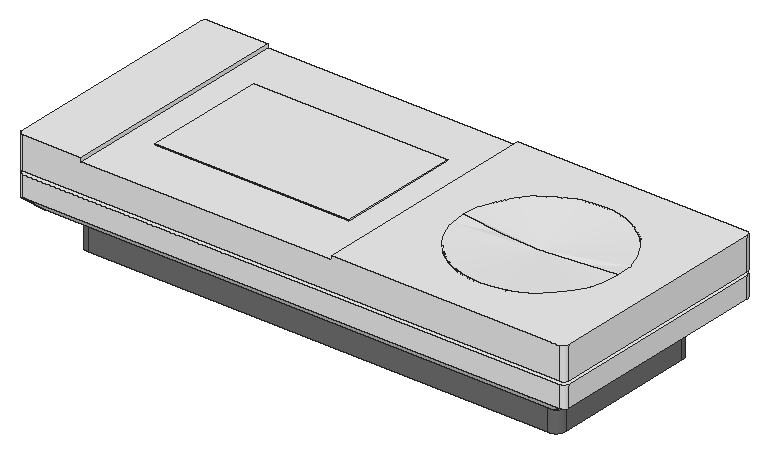
Revit family "TPOne_V2_RFA", category Data Devices, host Face, Revit 2019
Family settings
  Host = Face
  Maintain Annotation Orientation = Yes
  Round Connector Dimension = Use Diameter
  Part Type = Normal
  Cut with Voids When Loaded = No
  Shared = No
  Room Calculation Point = No
Parameters (values of type "TPOne-B_087N7851")
  Weight = 0.27 kg
  W_2 = 77.5 mm
  W2_2 = 68 mm
  W1_2 = 73.5 mm
  W [instance] = 30 mm
  Voltage = 3 V
  URL = "https://store.danfoss.com/en/Climate-Solutions-for-heating/Electronic-Room-Thermostats/Programmable-Thermostats/c/4139?q=%3Arelevance%3Adanfoss_producttypehierarchydesc%3ATPOne&text="
  Type Comments = ""
  Transmission Frequency = "-"
  Switch Rating Channel 1 = "3 A (1 A) at 230 VAC"
  Rated Impulse Voltage = "-"
  RX1-S = if(A = 1 mm, 1 = 1, 1 = 0)  # no
  Power Supply RT = "2.5 - 3 VDC (2x AA Alkaline Batteries)"
  Output Channel 2 = "-"
  Output Channel 1 = "Volt free, SPDT type 1B"
  Operating Temperature Range = "0-45 °C"
  Operating Frequency = "-"
  Model Type = "TPOne-B"
  Model = "087N7851"
  Min Temperature Setting = "5 °C"  # constant formula
  Maximum Range = "-"
  Max Temperature Setting = "35 °C"  # constant formula
  Max Ambient Temperature = "45 °C"  # constant formula
  Manufacturer = "Danfoss"  # constant formula
  LOD 350 = not(LOD 200)  # yes
  LOD 200 = no
  L [instance] = 155 mm
  IfcExportType = "TPOne"  # constant formula
  IfcExportAs = "IfcElectricApplianceType"  # constant formula
  IP Rating = "IP20"
  H_2 = 33 mm
  H2_2 = 23.5 mm
  H1_2 = 30 mm
  H [instance] = 66 mm
  Description = "Room Thermostat"  # constant formula
  Default Elevation = 1219.2 mm
  Da = 1 mm
  DBR = if(A > 1 mm, 1 = 1, 1 = 0)  # no
  D2 = 11 mm
  D1b = 3 mm
  D1a = 6 mm
  D-All = D - Da - D1a - D1b - D2  # 9 mm
  D = 30 mm
  Control Polution Situation = "Degree 2"  # constant formula
  Body Material = Danfoss Plastic White
  Ball Pressure Test = "75 °C"  # constant formula
  A = 0 mm
Types (7, lengths in mm): name | Weight | Voltage | Transmission Frequency | Switch Rating Channel 1 | Rated Impulse Voltage | RX1-S | Power Supply RT | Output Channel 2 | Output Channel 1 | Operating Temperature Range | Operating Frequency | Model Type | Model | Maximum Range | IP Rating | DBR | A
  (no name) | 0.27 kg | 3 V | "-" | "3 A (1 A) at 230 VAC" | "-" | no | "2.5 - 3 VDC (2x AA Alkaline Batteries)" | "-" | "Volt free, SPDT type 1B" | "0-45 °C" | "-" | "TPOne-B" | "087N7851" | "-" | "IP20" | no | 0
  TPOne-B_087N7851 | 0.27 kg | 3 V | "-" | "3 A (1 A) at 230 VAC" | "-" | no | "2.5 - 3 VDC (2x AA Alkaline Batteries)" | "-" | "Volt free, SPDT type 1B" | "0-45 °C" | "-" | "TPOne-B" | "087N7851" | "-" | "IP20" | no | 0
  TPOne-M_087N7852 | 0.22 kg | 230 V | "-" | "3 A (1 A) at 230 VAC" | "4 kV" | no | "230 VAC" | "3 A at 230 VAC" | "Volt free, SPDT type 1B" | "0-45 °C" | "50/60Hz" | "TPOne-M" | "087N7852" | "-" | "IP20" | no | 0
  TPOne-RF + RX1-S_V2_087N7858 | 0.48 kg | 230 V | "433.92 Mhz" | "3 A (1 A) at 230 VAC (RX1-S V2)" | "-" | yes | "2.5 - 3 VDC (2x AA Alkaline Batteries)" | "-" | "Volt free, SPDT type 1B (RX1-S V2)" | "0-45 °C" | "-" | "TPOne-RF + RX1-S_V2" | "087N7858" | "30 m" | "IP20" | no | 1
  TPOne-S+ DBR_087N7856 | 0.10 kg | 230 V | "868.42 MHz" | "3 A (1 A) at 230 VAC (DBR)" | "2.5 kV" | no | "230 VAC" | "-" | "Volt free, SPST type 1A (DBR)" | "0-45 °C" | "50/60Hz" | "TPOne-S+ DBR" | "087N7856" | "30 m" | "IP20" | yes | 2
  TPOne-RF_087N7853 | 0.27 kg | 3 V | "433.92 Mhz" | "-" | "-" | no | "2.5 -3 VDC (2x AA Alkaline Batteries)" | "-" | "-" | "0-45 °C" | "-" | "TPOne-RF" | "087N7853" | "30 m" | "IP20" | no | 0
  TPOne-OT_087N7859 | 0.22 kg | 24 V | "-" | "-" | "4 kV" | no | "24 VDC power line from boiler & 3 VDC (2x AA Alkaline Batteries)" | "-" | "Data 24 V DC BUS" | "0-40 °C" | "50/60Hz" | "TPOne-OT" | "087N7859" | "-" | "IP30" | no | 0
Reference planes
  plane 1 "Center (Front/Back)": y = 0
  plane 2: z = 0
  plane 3 "Center (Left/Right)": x = 0
  plane 4: y = 23.5
  plane 5: y = -23.5
  plane 6: x = -73.5
  plane 7: x = 73.5
  plane 8 "1": z = 11
  plane 9 "2": z = 14
  plane 10 "3": z = 20
  plane 11 "4": z = 21
  plane 12 "5": z = 30
  plane 13: y = 30
  plane 14: y = -30
  plane 15: y = 33
  plane 16: y = -33
  plane 17: x = -68
  plane 18: x = 68
  plane 19: x = 77.5
  plane 20: x = -77.5
  plane 21: x = 11.5
  plane 22: x = -59.5
  plane 23: x = 44.5
Forms (mm)
  Extrusion 1, solid, material "Danfoss Plastic Dark Gray", visible <- "LOD 350", detail levels fine
    sketch origin (0, 0, 0) x (1, 0, 0) y (0, 1, 0)
      loop
        arc (-65, 23.5) -> (-67.121, 22.621) -> (-68, 20.5) r 3
        line (-68, 20.5) -> (-68, -20.5)
        arc (-68, -20.5) -> (-67.121, -22.621) -> (-65, -23.5) r 3
        line (-65, -23.5) -> (65, -23.5)
        arc (65, -23.5) -> (67.121, -22.621) -> (68, -20.5) r 3
        line (68, -20.5) -> (68, 20.5)
        arc (68, 20.5) -> (67.121, 22.621) -> (65, 23.5) r 3
        line (65, 23.5) -> (-65, 23.5)
    from 0 to 11 <- "D2"
  Blend 2, solid, material "Danfoss Plastic White" <- "Body Material", visible <- "LOD 350", detail levels fine
    base sketch origin (0, 0, 11) x (-1, 0, 0) y (0, -1, 0)
      loop
        arc (72, -30) -> (73.061, -29.561) -> (73.5, -28.5) r 1.5
        line (73.5, -28.5) -> (73.5, 28.5)
        arc (73.5, 28.5) -> (73.061, 29.561) -> (72, 30) r 1.5
        line (72, 30) -> (-72, 30)
        arc (-72, 30) -> (-73.061, 29.561) -> (-73.5, 28.5) r 1.5
        line (-73.5, 28.5) -> (-73.5, -28.5)
        arc (-73.5, -28.5) -> (-73.061, -29.561) -> (-72, -30) r 1.5
        line (-72, -30) -> (72, -30)
    top sketch origin (0, 0, 11) x (-1, 0, 0) y (0, -1, 0)
      loop
        arc (76, -33) -> (77.061, -32.561) -> (77.5, -31.5) r 1.5
        line (77.5, -31.5) -> (77.5, 31.5)
        arc (77.5, 31.5) -> (77.061, 32.561) -> (76, 33) r 1.5
        line (76, 33) -> (-76, 33)
        arc (-76, 33) -> (-77.061, 32.561) -> (-77.5, 31.5) r 1.5
        line (-77.5, 31.5) -> (-77.5, -31.5)
        arc (-77.5, -31.5) -> (-77.061, -32.561) -> (-76, -33) r 1.5
        line (-76, -33) -> (76, -33)
    from 0 to 3 <- "D1b"
  Extrusion 3, solid, material "Danfoss Plastic White" <- "Body Material", visible <- "LOD 350", detail levels fine
    sketch origin (0, 0, 14) x (-1, 0, 0) y (0, -1, 0)
      loop
        line (77.5, -31.5) -> (77.5, 31.5)
        arc (77.5, 31.5) -> (77.061, 32.561) -> (76, 33) r 1.5
        line (76, 33) -> (-76, 33)
        arc (-76, 33) -> (-77.061, 32.561) -> (-77.5, 31.5) r 1.5
        line (-77.5, 31.5) -> (-77.5, -31.5)
        arc (-77.5, -31.5) -> (-77.061, -32.561) -> (-76, -33) r 1.5
        line (-76, -33) -> (76, -33)
        arc (76, -33) -> (77.061, -32.561) -> (77.5, -31.5) r 1.5
    from 0 to 6 <- "D1a"
  Extrusion 4, solid, material "Danfoss Plastic White" <- "Body Material", visible <- "LOD 350", detail levels fine
    sketch origin (0, 0, 20) x (-1, 0, 0) y (0, -1, 0)
      loop
        line (73.5, -30) -> (73.5, 30) -> (-73.5, 30) -> (-73.5, -30) -> (73.5, -30)
    from 0 to 1 <- "Da"
  Extrusion 5, solid, material "Danfoss Plastic White" <- "Body Material", visible <- "LOD 350", detail levels fine
    sketch origin (0, 0, 21) x (-1, 0, 0) y (0, -1, 0)
      loop
        arc (76, -33) -> (77.061, -32.561) -> (77.5, -31.5) r 1.5
        line (77.5, -31.5) -> (77.5, 31.5)
        arc (77.5, 31.5) -> (77.061, 32.561) -> (76, 33) r 1.5
        line (76, 33) -> (-76, 33)
        arc (-76, 33) -> (-77.061, 32.561) -> (-77.5, 31.5) r 1.5
        line (-77.5, 31.5) -> (-77.5, -31.5)
        arc (-77.5, -31.5) -> (-77.061, -32.561) -> (-76, -33) r 1.5
        line (-76, -33) -> (76, -33)
    from 0 to 9 <- "D-All"
  Extrusion 6, void
    sketch origin (0, 0, 30) x (-1, 0, 0) y (0, -1, 0)
      loop
        line (59.5, -33) -> (59.5, 33) -> (-11.5, 33) -> (-11.5, -33) -> (59.5, -33)
    from -1 to 0
  Revolve 7, void
    sketch origin (0, 0, 0) x (1, 0, 0) y (0, 0, 1)
      loop
        line (44.5, 30) -> (22.477, 30)
        arc (22.477, 30) -> (33.46, 28.832) -> (44.5, 28.5) r 145.544
        line (44.5, 28.5) -> (44.5, 30)
      axis (44.5, 30) -> (44.5, 28.5)
    angle from 0 to 360
  Extrusion 8, solid, material "Danfoss Plastic White" <- "Body Material", visible <- "LOD 350", detail levels fine
    sketch origin (0, 0, 30) x (-1, 0, 0) y (0, -1, 0)
      loop
        line (51.715, -18.341) -> (51.715, 16.659) -> (-3.285, 16.659) -> (-3.285, -18.341) -> (51.715, -18.341)
    from -3 to -0.9
  Extrusion 9, solid, material "Danfoss Plastic White" <- "Body Material", visible <- "LOD 200", detail levels fine
    sketch origin (0, 0, 21) x (-1, 0, 0) y (0, -1, 0)
      loop
        line (77.5, -33) -> (77.5, 33) -> (-77.5, 33) -> (-77.5, -33) -> (77.5, -33)
    from -10 to 9
  Extrusion 10, solid, material "Danfoss Plastic Dark Gray", visible <- "LOD 200", detail levels fine
    sketch origin (0, 0, 21) x (-1, 0, 0) y (0, -1, 0)
      loop
        line (68, -23.5) -> (68, 23.5) -> (-68, 23.5) -> (-68, -23.5) -> (68, -23.5)
    from -21 to -10
  Extrusion 11, solid, material "Danfoss Plastic White" <- "Body Material", detail levels coarse+medium
    sketch origin (0, 0, 21) x (-1, 0, 0) y (0, -1, 0)
      loop
        line (77.5, -33) -> (77.5, 33) -> (-77.5, 33) -> (-77.5, -33) -> (77.5, -33)
    from -21 to 9
Cuts and joins
  Extrusion 6 cuts Extrusion 4
  Extrusion 6, Revolve 7 cuts Extrusion 5
Dimensions and locks
  "W1_2": plane 6 to plane 3 "Center (Left/Right)" to plane 7
  "H2_2": plane 5 to plane 1 "Center (Front/Back)" to plane 4
  "D2": host face to plane 8 "1"
  "W_2": plane 20 to plane 3 "Center (Left/Right)" to plane 19
  "W2_2": plane 17 to plane 3 "Center (Left/Right)" to plane 18
  "H1_2": plane 14 to plane 1 "Center (Front/Back)" to plane 13
  "H_2": plane 16 to plane 1 "Center (Front/Back)" to plane 15
  "D1b": plane 8 "1" to plane 9 "2"
  "D1a": plane 9 "2" to plane 10 "3"
  "D": host face to plane 12 "5"
  "Da": plane 10 "3" to plane 11 "4"
  "L": cut or joined group of Extrusion 5, Extrusion 6, Revolve 7 to cut or joined group of Extrusion 5, Extrusion 6, Revolve 7
  "H": cut or joined group of Extrusion 5, Extrusion 6, Revolve 7 to cut or joined group of Extrusion 5, Extrusion 6, Revolve 7
  "W": plane 12 "5" to level
  aligned and locked: plane 2 to host face
  aligned and locked: level to host face
  aligned and locked: Extrusion 9 sketch curve to plane 15
  aligned and locked: Extrusion 9 sketch curve to plane 20
  aligned and locked: plane 16 to Extrusion 9 sketch curve
  aligned and locked: plane 19 to Extrusion 9 sketch curve
  aligned and locked: Extrusion 9 to Extrusion 1
  aligned and locked: Extrusion 9 to plane 12 "5"
  aligned and locked: Extrusion 10 sketch curve to plane 4
  aligned and locked: Extrusion 10 sketch curve to plane 17
  aligned and locked: plane 5 to Extrusion 10 sketch curve
  aligned and locked: plane 18 to Extrusion 10 sketch curve
  aligned and locked: Extrusion 10 to level
  aligned and locked: Extrusion 10 to Extrusion 1
  aligned and locked: Extrusion 11 sketch curve to Extrusion 9  (x4)
  aligned and locked: Extrusion 11 to level
  aligned and locked: Extrusion 11 to plane 12 "5"
Automatic sketch dimensions
  host sketch curve to host sketch curve = 1600 mm  (x2)
  Extrusion 1 sketch curve to plane 17 = 0 mm
  plane 5 to Extrusion 1 sketch curve = 0 mm
  plane 4 to Extrusion 1 sketch curve = 0 mm
  Extrusion 1 sketch curve to plane 18 = 0 mm
  plane 17 to Extrusion 1 sketch curve = 3 mm  (x2)
  Extrusion 1 sketch curve to Extrusion 1 sketch curve = 3 mm
  Extrusion 1 sketch curve to plane 18 = 3 mm
  Blend 2 sketch curve to plane 19 = 0 mm
  plane 16 to Blend 2 sketch curve = 0 mm
  plane 15 to Blend 2 sketch curve = 0 mm
  Blend 2 sketch curve to plane 20 = 0 mm
  Blend 2 sketch curve to plane 19 = 1.5 mm
  Blend 2 sketch curve to Blend 2 sketch curve = 1.5 mm  (x2)
  Blend 2 sketch curve to plane 13 = 1.5 mm
  Blend 2 sketch curve to plane 7 = 0 mm
  plane 14 to Blend 2 sketch curve = 0 mm
  plane 13 to Blend 2 sketch curve = 0 mm
  Blend 2 sketch curve to plane 6 = 0 mm
  Blend 2 sketch curve to plane 7 = 1.5 mm  (x2)
  plane 6 to Blend 2 sketch curve = 1.5 mm  (x2)
  plane 16 to Extrusion 3 sketch curve = 0 mm
  Extrusion 3 sketch curve to plane 20 = 0 mm
  plane 14 to Extrusion 3 sketch curve = 1.5 mm
  Extrusion 3 sketch curve to plane 13 = 1.5 mm  (x2)
  Extrusion 3 sketch curve to plane 19 = 1.5 mm
  Extrusion 3 sketch curve to plane 19 = 0 mm
  plane 15 to Extrusion 3 sketch curve = 0 mm
  Extrusion 4 sketch curve to plane 7 = 0 mm
  Extrusion 4 sketch curve to plane 6 = 0 mm
  plane 13 to Extrusion 4 sketch curve = 0 mm
  plane 14 to Extrusion 4 sketch curve = 0 mm
  plane 15 to Extrusion 5 sketch curve = 0 mm
  Extrusion 5 sketch curve to plane 20 = 0 mm
  plane 20 to Extrusion 5 sketch curve = 1.5 mm
  plane 14 to Extrusion 5 sketch curve = 1.5 mm
  plane 16 to Extrusion 5 sketch curve = 0 mm
  Extrusion 5 sketch curve to plane 19 = 1.5 mm
  Extrusion 5 sketch curve to plane 19 = 0 mm
  Extrusion 5 sketch curve to plane 13 = 1.5 mm
  plane 15 to Extrusion 6 sketch curve = 0 mm
  Extrusion 6 sketch curve to plane 21 = 0 mm
  plane 16 to Extrusion 6 sketch curve = 0 mm
  Extrusion 6 sketch curve to plane 22 = 0 mm
  Revolve 7 sketch curve to plane 12 "5" = 0 mm
  Revolve 7 sketch curve to plane 23 = 0 mm  (x2)
  Revolve 7 sketch curve to plane 23 = 1.15 mm
  plane 21 to Revolve 7 sketch curve = 10.977 mm
  Revolve 7 sketch curve to Revolve 7 sketch curve = 1.5 mm
  Revolve 7 sketch curve to Revolve 7 sketch curve = 3.012 mm
  Revolve 7 sketch curve to Revolve 7 sketch curve = 2.054 mm
  plane 3 "Center (Left/Right)" to Extrusion 8 sketch curve = 3.285 mm
  plane 22 to Extrusion 8 sketch curve = 7.785 mm
  plane 4 to Extrusion 8 sketch curve = 5.159 mm
  Extrusion 8 sketch curve to plane 5 = 6.841 mm
Nested families
  nested 1: "RX1-S_V2_RFA" at (145, 0, 0), visible <- "RX1-S", LOD 200 <- "LOD 200", type "RX1-S_V2_087N7775", detail levels fine
    with LOD 350 yes, LOD 200 no
  nested 2: "DBR_RFA" at (145, 0, 0), visible <- "DBR", LOD 200 <- "LOD 200", type "DBR_087N7857"
    with LOD 350 yes, LOD 200 no
Definition of nested family "RX1-S_V2_RFA"
  Parameters (values of type "RX1-S_V2_087N7775")
    Weight = 0.18 kg  # constant formula
    W6 = Width - W2 - W3 - W4 - W5  # 1 mm
    W5 = 15.5 mm
    W4 = 1.5 mm
    W3 = 1 mm
    W2 = 10 mm
    W1 = 1 mm
    Width = 29 mm
    W [instance] = 30 mm
    Voltage = 230 V  # constant formula
    URL = "https://store.danfoss.com/en/RX-Receiver%2C-RX1-S%2C-single-channel-receiver-with-industry-standard-backplate%2C-Supply-voltage-%5BV%5D-AC%3A-230%2C-SPDT/p/087N7775"
    Type Comments = ""
    Switch Type = "1 x SPDT Type 1B"  # constant formula
    Switch Rating = "3 A (1 A) at 230 VAC"  # constant formula
    Rated Impulse Voltage = "4 kV"  # constant formula
    R1 = 6 mm
    Power Supply RT = "230 VAC"  # constant formula
    Output = "Volt Free"  # constant formula
    Operating Temperature Range = "0-40 °C"  # constant formula
    Operating Frequency = "50/60 Hz"  # constant formula
    Model Type = "RX1-S_V2"  # constant formula
    Model = "087N7775"
    Maximum Range = "30 m"  # constant formula
    Manufacturer = "Danfoss"  # constant formula
    L_2 = 42 mm
    LOD 350 [instance] = not(LOD 200)  # yes
    LOD 200 [instance] = no
    L1_2 = 40.5 mm
    L [instance] = 84 mm
    IfcExportType = "RX1-S_V2"  # constant formula
    IfcExportAs = "IfcElectricApplianceType"  # constant formula
    IP Rating = "IP30"  # constant formula
    H_2 = 42 mm
    H1_2 = 40.5 mm
    H [instance] = 84 mm
    Description = "Channel Receiver"  # constant formula
    Default Elevation = 1500 mm
    R2 = 180 mm
    Control Polution Situation = "Degree 2"  # constant formula
    Button_L2 = 21 mm
    Button_L1 = 17 mm
    Button_H = 20 mm
    Body Material = none
  Reference planes
    plane 1 "Center (Front/Back)": y = 0
    plane 2: z = 0
    plane 3 "Center (Left/Right)": x = 0
    plane 4: y = 42
    plane 5: y = -42
    plane 6: x = -42
    plane 7: x = 42
    plane 8 "W1": z = 29
    plane 9: through (-201.483, -201.999, 1219.2) normal (0.7071, -0.7071, 0)
    plane 10: through (-501.483, 500.967, 1219.2) normal (0.7071, 0.7071, 0)
    plane 11 "W5": z = 1
    plane 12 "W4": z = 16.5
    plane 13 "W3": z = 18
    plane 14 "W2": z = 19
    plane 15: x = -40.5
    plane 16: x = 40.5
    plane 17: y = 40.5
    plane 18: y = -40.5
    plane 19: z = 25.8
    plane 20: x = -4
    plane 21: y = -22
    plane 22: x = -25
  Forms (mm)
    Extrusion 1, solid, detail levels fine
      sketch origin (819.2, -779.2, 0) x (1, 0, 0) y (0, 1, 0)
        loop
          line (-1320.683, 1280.167) -> (-1320.683, 280.167) -> (-320.683, 280.167) -> (-320.683, 1280.167) -> (-1320.683, 1280.167)
      from 0 to -300
    Extrusion 2, solid, material <- "Body Material", visible <- "LOD 350", detail levels fine
      sketch origin (0, 0, 0) x (1, 0, 0) y (0, 1, 0)
        loop
          line (-40.5, 40.5) -> (-40.5, -40.5) -> (40.5, -40.5) -> (40.5, 40.5) -> (-40.5, 40.5)
      from 0 to 1 <- "W6"
    Blend 3, solid, material <- "Body Material", visible <- "LOD 350", detail levels fine
      base sketch origin (0, 0, 1) x (-1, 0, 0) y (0, -1, 0)
        loop
          line (40.5, -40.5) -> (40.5, 40.5) -> (-40.5, 40.5) -> (-40.5, -40.5) -> (40.5, -40.5)
      top sketch origin (0, 0, 1) x (-1, 0, 0) y (0, -1, 0)
        loop
          line (42, -42) -> (42, 42) -> (-42, 42) -> (-42, -42) -> (42, -42)
      from 0 to 15.5 <- "W5"
    Extrusion 4, solid, material <- "Body Material", visible <- "LOD 350", detail levels fine
      sketch origin (0, 0, 16.5) x (-1, 0, 0) y (0, -1, 0)
        loop
          line (42, -42) -> (42, 42) -> (-42, 42) -> (-42, -42) -> (42, -42)
      from 0 to 1.5 <- "W4"
    Extrusion 5, solid, material <- "Body Material", visible <- "LOD 350", detail levels fine
      sketch origin (0, 0, 18) x (-1, 0, 0) y (0, -1, 0)
        loop
          line (41, -41) -> (41, 41) -> (-41, 41) -> (-41, -41) -> (41, -41)
      from 0 to 1 <- "W3"
    Extrusion 6, solid, material <- "Body Material", visible <- "LOD 350", detail levels fine
      sketch origin (0, 0, 19) x (-1, 0, 0) y (0, -1, 0)
        loop
          line (42, -42) -> (42, 42) -> (-42, 42) -> (-42, -42) -> (42, -42)
      from 0 to 10 <- "W2"
    Extrusion 7, void
      sketch origin (0, 0, 29) x (0, -1, 0) y (-1, 0, 0)
        loop
          arc (-42, -32.848) -> (0.021, -37.562) -> (42, -32.484) r 182.594
          line (42, -32.484) -> (42, -31.453)
          arc (42, -31.453) -> (0.021, -36.56) -> (-42, -31.819) r 181.592
          line (-42, -31.819) -> (-42, -32.848)
      from 0 to 1 <- "W3"
    Extrusion 8, solid, material <- "Body Material", visible <- "LOD 350", detail levels fine
      sketch origin (0, 0, 29) x (-1, 0, 0) y (0, -1, 0)
        loop
          circle (25, 22) r 6
        loop
          circle (25, 22) r 4
        loop
          circle (4, 22) r 6
        loop
          circle (4, 22) r 4
      from 0 to 1 <- "W1"
    Extrusion 9, solid, material <- "Body Material", visible <- "LOD 200", detail levels fine
      sketch origin (0, 0, 19) x (-1, 0, 0) y (0, -1, 0)
        loop
          line (42, -42) -> (42, 42) -> (-42, 42) -> (-42, -42) -> (42, -42)
      from -19 to 0
    Extrusion 10, solid, material <- "Body Material", detail levels coarse+medium
      sketch origin (0, 0, 19) x (-1, 0, 0) y (0, -1, 0)
        loop
          line (42, -42) -> (42, 42) -> (-42, 42) -> (-42, -42) -> (42, -42)
      from -19 to 10
    Extrusion 11, solid, material <- "Body Material", visible <- "LOD 200", detail levels fine
      sketch origin (0, 0, 19) x (-1, 0, 0) y (0, -1, 0)
        loop
          line (42, -42) -> (42, 42) -> (-42, 42) -> (-42, -42) -> (42, -42)
      from 0 to 10
  Cuts and joins
    Extrusion 7 cuts Extrusion 5
    Extrusion 7 cuts Extrusion 6
  Dimensions and locks
    "H_2": plane 5 to plane 1 "Center (Front/Back)" to plane 4
    "L_2": plane 6 to plane 3 "Center (Left/Right)" to plane 7
    "Width": plane 8 "W1" to level
    "W5": plane 12 "W4" to plane 11 "W5"
    "W4": plane 13 "W3" to plane 12 "W4"
    "W3": plane 14 "W2" to plane 13 "W3"
    "W6": plane 11 "W5" to level
    "L1_2": plane 15 to plane 3 "Center (Left/Right)" to plane 16
    "H1_2": plane 18 to plane 1 "Center (Front/Back)" to plane 17
    Extrusion 4 to Extrusion 5 sketch curve = 1 mm  (x3)
    Extrusion 5 sketch curve to Extrusion 4 = 1 mm
    plane 19 to plane 8 "W1" = 3.2 mm
    "Button_H": plane 5 to plane 21
    "Button_L1": plane 6 to plane 22
    "Button_L2": plane 22 to plane 20
    "L": plane 6 to plane 7
    "H": plane 5 to plane 4
    "W": Extrusion 8 to level
    "R1": radius of Extrusion 8 sketch curve  (x2)
    radius of Extrusion 8 sketch curve = 4 mm  (x2)
    aligned and locked: plane 2 to Extrusion 1
    aligned and locked: level to Extrusion 1
    aligned and locked: Extrusion 2 sketch curve to plane 17
    aligned and locked: Extrusion 2 sketch curve to plane 15
    aligned and locked: plane 18 to Extrusion 2 sketch curve
    aligned and locked: plane 16 to Extrusion 2 sketch curve
    aligned and locked: Blend 3 sketch curve to Extrusion 2  (x4)
    aligned and locked: Blend 3 sketch curve to plane 4
    aligned and locked: Blend 3 sketch curve to plane 6
    aligned and locked: plane 5 to Blend 3 sketch curve
    aligned and locked: plane 7 to Blend 3 sketch curve
    aligned and locked: Extrusion 4 sketch curve to Blend 3  (x4)
    aligned and locked: Extrusion 6 sketch curve to Blend 3  (x4)
    aligned and locked: Extrusion 6 to Extrusion 7 sketch curve  (x2)
    aligned and locked: Extrusion 9 sketch curve to Blend 3  (x4)
    aligned and locked: Extrusion 9 to level
    aligned and locked: Extrusion 10 sketch curve to Blend 3  (x4)
    aligned and locked: Extrusion 10 to level
    aligned and locked: plane 8 "W1" to Extrusion 10
    aligned and locked: plane 14 "W2" to Extrusion 9
    aligned and locked: Extrusion 11 sketch curve to Extrusion 10  (x4)
    aligned and locked: Extrusion 11 to plane 14 "W2"
    aligned and locked: plane 8 "W1" to Extrusion 11
  Automatic sketch dimensions
    Extrusion 1 sketch curve to Extrusion 1 sketch curve = 1000 mm  (x2)
    Extrusion 7 sketch curve to Extrusion 7 sketch curve = 0 mm  (x2)
    Extrusion 7 sketch curve to Extrusion 6 = 42.77 mm
    Extrusion 6 to Extrusion 7 sketch curve = 103.03 mm
    Extrusion 7 sketch curve to Extrusion 6 = 10.181 mm
    Extrusion 7 sketch curve to Extrusion 7 sketch curve = 1.029 mm
    Extrusion 8 sketch curve to Extrusion 8 sketch curve = 0 mm  (x4)
    Extrusion 8 sketch curve to plane 20 = 0 mm
    plane 21 to Extrusion 8 sketch curve = 0 mm  (x2)
    Extrusion 8 sketch curve to plane 22 = 0 mm
Definition of nested family "DBR_RFA"
  Parameters (values of type "DBR_087N7857")
    Weight = 0.10 kg  # constant formula
    W6 = Width - W2 - W3 - W4 - W5  # 1 mm
    W5 = 15.5 mm
    W4 = 1.5 mm
    W3 = 1 mm
    W2 = 10 mm
    W1 = 1 mm
    Width = 29 mm
    W [instance] = 30 mm
    Voltage = 230 V  # constant formula
    URL = "https://store.danfoss.com/en/Climate-Solutions-for-heating/Electronic-Room-Thermostats/Programmable-Thermostats/230Vac/p/087N7857"
    Type Comments = ""
    Transmission Frequency = "868.42 MHz"  # constant formula
    Switch Type = "Volt free, SPST type 1A"  # constant formula
    Switch Rating = "3 A (1 A) at 230 VAC"  # constant formula
    Rated Impulse Voltage = "2.5 kV"  # constant formula
    R1 = 6 mm
    Power Supply RT = "230 VAC"  # constant formula
    Operating Frequency = "50/60 Hz"  # constant formula
    Model Type = "DBR"  # constant formula
    Model = "087N7857"  # constant formula
    Maximum Range = "30 m"  # constant formula
    Max Ambient Temperature = "45 °C"  # constant formula
    Manufacturer = "Danfoss"  # constant formula
    L_2 = 42 mm
    LOD 350 [instance] = not(LOD 200)  # yes
    LOD 200 [instance] = no
    L1_2 = 40.5 mm
    L [instance] = 84 mm
    IfcExportType = "DBR"  # constant formula
    IfcExportAs = "IfcElectricApplianceType"  # constant formula
    IP Rating = "IP40"  # constant formula
    H_2 = 42 mm
    H1_2 = 40.5 mm
    H [instance] = 84 mm
    Description = "Channel Receiver"  # constant formula
    Default Elevation = 1500 mm
    R2 = 180 mm
    Control Polution Situation = "Degree 2"  # constant formula
    Button_L2 = 21 mm
    Button_L1 = 17 mm
    Button_H = 20 mm
    Body Material = none
    Ball Pressure Test = "75 °C"  # constant formula
  Reference planes
    plane 1 "Center (Front/Back)": y = 0
    plane 2: z = 0
    plane 3 "Center (Left/Right)": x = 0
    plane 4: y = 42
    plane 5: y = -42
    plane 6: x = -42
    plane 7: x = 42
    plane 8 "W1": z = 29
    plane 9: through (-201.483, -201.999, 1219.2) normal (0.7071, -0.7071, 0)
    plane 10: through (-501.483, 500.967, 1219.2) normal (0.7071, 0.7071, 0)
    plane 11 "W5": z = 1
    plane 12 "W4": z = 16.5
    plane 13 "W3": z = 18
    plane 14 "W2": z = 19
    plane 15: x = -40.5
    plane 16: x = 40.5
    plane 17: y = 40.5
    plane 18: y = -40.5
    plane 19: z = 25.8
    plane 20: x = -4
    plane 21: y = -22
    plane 22: x = -25
  Forms (mm)
    Extrusion 1, solid, detail levels fine
      sketch origin (819.2, -779.2, 0) x (1, 0, 0) y (0, 1, 0)
        loop
          line (-1320.683, 1280.167) -> (-1320.683, 280.167) -> (-320.683, 280.167) -> (-320.683, 1280.167) -> (-1320.683, 1280.167)
      from 0 to -300
    Extrusion 2, solid, material <- "Body Material", visible <- "LOD 350", detail levels fine
      sketch origin (0, 0, 0) x (1, 0, 0) y (0, 1, 0)
        loop
          line (-40.5, 40.5) -> (-40.5, -40.5) -> (40.5, -40.5) -> (40.5, 40.5) -> (-40.5, 40.5)
      from 0 to 1 <- "W6"
    Blend 3, solid, material <- "Body Material", visible <- "LOD 350", detail levels fine
      base sketch origin (0, 0, 1) x (-1, 0, 0) y (0, -1, 0)
        loop
          line (40.5, -40.5) -> (40.5, 40.5) -> (-40.5, 40.5) -> (-40.5, -40.5) -> (40.5, -40.5)
      top sketch origin (0, 0, 1) x (-1, 0, 0) y (0, -1, 0)
        loop
          line (42, -42) -> (42, 42) -> (-42, 42) -> (-42, -42) -> (42, -42)
      from 0 to 15.5 <- "W5"
    Extrusion 4, solid, material <- "Body Material", visible <- "LOD 350", detail levels fine
      sketch origin (0, 0, 16.5) x (-1, 0, 0) y (0, -1, 0)
        loop
          line (42, -42) -> (42, 42) -> (-42, 42) -> (-42, -42) -> (42, -42)
      from 0 to 1.5 <- "W4"
    Extrusion 5, solid, material <- "Body Material", visible <- "LOD 350", detail levels fine
      sketch origin (0, 0, 18) x (-1, 0, 0) y (0, -1, 0)
        loop
          line (41, -41) -> (41, 41) -> (-41, 41) -> (-41, -41) -> (41, -41)
      from 0 to 1 <- "W3"
    Extrusion 6, solid, material <- "Body Material", visible <- "LOD 350", detail levels fine
      sketch origin (0, 0, 19) x (-1, 0, 0) y (0, -1, 0)
        loop
          line (42, -42) -> (42, 42) -> (-42, 42) -> (-42, -42) -> (42, -42)
      from 0 to 10 <- "W2"
    Extrusion 7, void
      sketch origin (0, 0, 29) x (0, -1, 0) y (-1, 0, 0)
        loop
          arc (-42, -32.848) -> (0.021, -37.562) -> (42, -32.484) r 182.594
          line (42, -32.484) -> (42, -31.453)
          arc (42, -31.453) -> (0.021, -36.56) -> (-42, -31.819) r 181.592
          line (-42, -31.819) -> (-42, -32.848)
      from 0 to 1 <- "W3"
    Extrusion 8, solid, material <- "Body Material", visible <- "LOD 350", detail levels fine
      sketch origin (0, 0, 29) x (-1, 0, 0) y (0, -1, 0)
        loop
          circle (25, 22) r 6
        loop
          circle (25, 22) r 4
        loop
          circle (4, 22) r 6
        loop
          circle (4, 22) r 4
      from 0 to 1 <- "W1"
    Extrusion 9, solid, material <- "Body Material", visible <- "LOD 200", detail levels fine
      sketch origin (0, 0, 19) x (-1, 0, 0) y (0, -1, 0)
        loop
          line (42, -42) -> (42, 42) -> (-42, 42) -> (-42, -42) -> (42, -42)
      from -19 to 0
    Extrusion 10, solid, material <- "Body Material", detail levels coarse+medium
      sketch origin (0, 0, 19) x (-1, 0, 0) y (0, -1, 0)
        loop
          line (42, -42) -> (42, 42) -> (-42, 42) -> (-42, -42) -> (42, -42)
      from -19 to 10
    Extrusion 11, solid, material <- "Body Material", visible <- "LOD 200", detail levels fine
      sketch origin (0, 0, 19) x (-1, 0, 0) y (0, -1, 0)
        loop
          line (42, -42) -> (42, 42) -> (-42, 42) -> (-42, -42) -> (42, -42)
      from 0 to 10
  Cuts and joins
    Extrusion 7 cuts Extrusion 5
    Extrusion 7 cuts Extrusion 6
  Dimensions and locks
    "H_2": plane 5 to plane 1 "Center (Front/Back)" to plane 4
    "L_2": plane 6 to plane 3 "Center (Left/Right)" to plane 7
    "Width": plane 8 "W1" to level
    "W5": plane 12 "W4" to plane 11 "W5"
    "W4": plane 13 "W3" to plane 12 "W4"
    "W3": plane 14 "W2" to plane 13 "W3"
    "W6": plane 11 "W5" to level
    "L1_2": plane 15 to plane 3 "Center (Left/Right)" to plane 16
    "H1_2": plane 18 to plane 1 "Center (Front/Back)" to plane 17
    Extrusion 4 to Extrusion 5 sketch curve = 1 mm  (x3)
    Extrusion 5 sketch curve to Extrusion 4 = 1 mm
    plane 19 to plane 8 "W1" = 3.2 mm
    "Button_H": plane 5 to plane 21
    "Button_L1": plane 6 to plane 22
    "Button_L2": plane 22 to plane 20
    "L": plane 6 to plane 7
    "H": plane 5 to plane 4
    "W": Extrusion 8 to level
    "R1": radius of Extrusion 8 sketch curve  (x2)
    radius of Extrusion 8 sketch curve = 4 mm  (x2)
    aligned and locked: plane 2 to Extrusion 1
    aligned and locked: level to Extrusion 1
    aligned and locked: Extrusion 2 sketch curve to plane 17
    aligned and locked: Extrusion 2 sketch curve to plane 15
    aligned and locked: plane 18 to Extrusion 2 sketch curve
    aligned and locked: plane 16 to Extrusion 2 sketch curve
    aligned and locked: Blend 3 sketch curve to Extrusion 2  (x4)
    aligned and locked: Blend 3 sketch curve to plane 4
    aligned and locked: Blend 3 sketch curve to plane 6
    aligned and locked: plane 5 to Blend 3 sketch curve
    aligned and locked: plane 7 to Blend 3 sketch curve
    aligned and locked: Extrusion 4 sketch curve to Blend 3  (x4)
    aligned and locked: Extrusion 6 sketch curve to Blend 3  (x4)
    aligned and locked: Extrusion 6 to Extrusion 7 sketch curve  (x2)
    aligned and locked: Extrusion 9 sketch curve to Blend 3  (x4)
    aligned and locked: Extrusion 9 to level
    aligned and locked: Extrusion 10 sketch curve to Blend 3  (x4)
    aligned and locked: Extrusion 10 to level
    aligned and locked: plane 8 "W1" to Extrusion 10
    aligned and locked: plane 14 "W2" to Extrusion 9
    aligned and locked: Extrusion 11 sketch curve to Extrusion 10  (x4)
    aligned and locked: Extrusion 11 to plane 14 "W2"
    aligned and locked: plane 8 "W1" to Extrusion 11
  Automatic sketch dimensions
    Extrusion 1 sketch curve to Extrusion 1 sketch curve = 1000 mm  (x2)
    Extrusion 7 sketch curve to Extrusion 7 sketch curve = 0 mm  (x2)
    Extrusion 7 sketch curve to Extrusion 6 = 42.77 mm
    Extrusion 6 to Extrusion 7 sketch curve = 103.03 mm
    Extrusion 7 sketch curve to Extrusion 6 = 10.181 mm
    Extrusion 7 sketch curve to Extrusion 7 sketch curve = 1.029 mm
    Extrusion 8 sketch curve to Extrusion 8 sketch curve = 0 mm  (x4)
    Extrusion 8 sketch curve to plane 20 = 0 mm
    plane 21 to Extrusion 8 sketch curve = 0 mm  (x2)
    Extrusion 8 sketch curve to plane 22 = 0 mm
